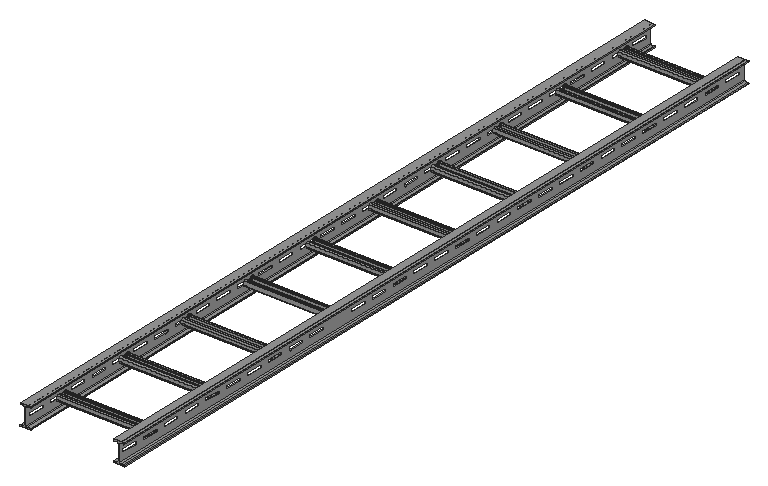
Revit family "Steigeleiter SLS80C40F 40F", category Generic Models, Revit 2017
Family settings
  Can host rebar = No
  Round Connector Dimension = Use Diameter
  Part Type = Normal
  Work Plane-Based = No
  Always vertical = Yes
  Cut with Voids When Loaded = No
  Shared = No
  Room Calculation Point = No
Parameters (values of type "SLS80C40F 40 FT")
  Width = 400 mm
  URL = "http://www.obo-bettermann.com"
  Material = Hot dip galvanised
  Manufacturer Art.No. = "6010105"
  Manufacturer = "OBO BETTERMANN"
  GTIN = "4012196959907"
  Cut's number 3 = 2
  Cut's number 2 = 30
  Cut's number = 10
  Article Type = "SLS80C40F 40 FT"
Reference planes
  plane 1 "Center (Front/Back)": y = 0
  plane 2: z = 0
  plane 3 "Center (Left/Right)": x = 0
  plane 4: x = 400
  plane 5: z = 80
  plane 6: x = 42
  plane 7: x = 21
  plane 8: x = 39.7
  plane 9: x = 2.3
  plane 10: x = 2.3
  plane 11: x = 39.7
  plane 12: x = 379
  plane 13: x = 360.374
  plane 14: x = 397.6
  plane 15: x = 400
  plane 16: y = 3000
  plane 17: y = 165
  plane 18: z = 40
  plane 19: z = 51.25
  plane 20: z = 28.75
  plane 21: y = 145
  plane 22: y = 185
  plane 23: y = 156
  plane 24: y = 174
  plane 25: x = 18.948
  plane 26: x = 376.949
  plane 27: x = 23.005
  plane 28: z = 40
  plane 29: z = 51.25
  plane 30: z = 28.75
  plane 31: y = 445
  plane 32: y = 485
  plane 33: y = 456
  plane 34: y = 474
  plane 35: z = 40
  plane 36: z = 51.25
  plane 37: z = 28.75
  plane 38: y = 1345
  plane 39: y = 1385
  plane 40: y = 1356
  plane 41: y = 1374
  plane 42: z = 40
  plane 43: z = 51.25
  plane 44: z = 28.75
  plane 45: y = 1645
  plane 46: y = 1685
  plane 47: y = 1656
  plane 48: y = 1674
  plane 49: z = 40
  plane 50: z = 51.25
  plane 51: z = 28.75
  plane 52: y = 1945
  plane 53: y = 1985
  plane 54: y = 1956
  plane 55: y = 1974
  plane 56: z = 40
  plane 57: z = 51.25
  plane 58: z = 28.75
  plane 59: y = 2245
  plane 60: y = 2285
  plane 61: y = 2256
  plane 62: y = 2274
  plane 63: z = 40
  plane 64: z = 51.25
  plane 65: z = 28.75
  plane 66: y = 2545
  plane 67: y = 2585
  plane 68: y = 2556
  plane 69: y = 2574
  plane 70: z = 40
  plane 71: z = 51.25
  plane 72: z = 28.75
  plane 73: y = 2845
  plane 74: y = 2885
  plane 75: y = 2856
  plane 76: y = 2874
  plane 77: z = 40
  plane 78: y = 48
  plane 79: y = 13
  plane 80: z = 40
  plane 81: y = 148
  plane 82: y = 113
  plane 83: z = 40
  plane 84: y = 248
  plane 85: y = 213
  plane 86: z = 40
  plane 87: y = 348
  plane 88: y = 313
  plane 89: z = 40
  plane 90: y = 448
  plane 91: y = 413
  plane 92: z = 40
  plane 93: y = 548
  plane 94: y = 513
  plane 95: z = 40
  plane 96: y = 648
  plane 97: y = 613
  plane 98: z = 40
  plane 99: y = 748
  plane 100: y = 713
  plane 101: z = 40
  plane 102: y = 848
  plane 103: y = 813
  plane 104: z = 40
  plane 105: y = 948
  plane 106: y = 913
  plane 107: z = 40
  plane 108: y = 1148
  plane 109: y = 1113
  plane 110: z = 40
  plane 111: y = 1248
  plane 112: y = 1213
  plane 113: z = 40
  plane 114: y = 1348
  plane 115: y = 1313
  plane 116: z = 40
  plane 117: y = 1448
  plane 118: y = 1413
  plane 119: z = 40
  plane 120: y = 1548
  plane 121: y = 1513
  plane 122: z = 40
  plane 123: y = 1648
  plane 124: y = 1613
  plane 125: z = 40
  plane 126: y = 1748
  plane 127: y = 1713
  plane 128: z = 40
  plane 129: y = 1848
  plane 130: y = 1813
  plane 131: z = 40
  plane 132: y = 1948
  plane 133: y = 1913
  plane 134: z = 40
  plane 135: y = 2048
  plane 136: y = 2013
  plane 137: z = 40
  plane 138: y = 2148
  plane 139: y = 2113
  plane 140: z = 40
  plane 141: y = 2248
  plane 142: y = 2213
  plane 143: z = 40
  plane 144: y = 2348
  plane 145: y = 2313
  plane 146: z = 40
  plane 147: y = 2448
  plane 148: y = 2413
  plane 149: z = 40
  plane 150: y = 2548
  plane 151: y = 2513
  plane 152: z = 40
  plane 153: y = 2648
  plane 154: y = 2613
  plane 155: z = 40
  plane 156: y = 2748
  plane 157: y = 2713
  plane 158: z = 40
  plane 159: y = 2848
  plane 160: y = 2813
  plane 161: z = 40
  plane 162: y = 2948
  plane 163: y = 2913
  plane 164: z = 40
  plane 165: y = 2987
  plane 166: y = 2987
  plane 167: z = 40
  plane 168: z = 51.25
  plane 169: z = 28.75
  plane 170: y = 745
  plane 171: y = 785
  plane 172: y = 756
  plane 173: y = 774
  plane 174: z = 40
  plane 175: z = 51.25
  plane 176: z = 28.75
  plane 177: y = 1045
  plane 178: y = 1085
  plane 179: y = 1056
  plane 180: y = 1074
Forms (mm)
  Extrusion 1, solid, material "Hot dip galvanised" <- "Material"
    sketch origin (0, 0, 0) x (1, 0, 0) y (0, 0, 1)
      loop
        line (0, 80) -> (0, 77.606)
        arc (0, 77.606) -> (0.674, 75.979) -> (2.3, 75.306) r 2.3
        line (2.3, 75.306) -> (14.989, 75.306)
        arc (14.989, 75.306) -> (17.746, 74.164) -> (18.889, 71.406) r 3.9
        line (18.889, 71.406) -> (18.889, 8.37)
        arc (18.889, 8.37) -> (17.746, 5.612) -> (14.989, 4.47) r 3.9
        line (14.989, 4.47) -> (2.255, 4.47)
        arc (2.255, 4.47) -> (0.658, 3.808) -> (-0.004, 2.211) r 2.259
        line (-0.004, 2.211) -> (-0.004, 0) -> (42.014, 0) -> (42.014, 2.163)
        arc (42.014, 2.163) -> (41.338, 3.794) -> (39.707, 4.47) r 2.307
        line (39.707, 4.47) -> (26.9, 4.47)
        arc (26.9, 4.47) -> (24.142, 5.612) -> (23, 8.37) r 3.9
        line (23, 8.37) -> (23, 71.406)
        arc (23, 71.406) -> (24.142, 74.164) -> (26.9, 75.306) r 3.9
        line (26.9, 75.306) -> (39.695, 75.306)
        arc (39.695, 75.306) -> (41.416, 76.071) -> (42, 77.861) r 2.317
        line (42, 77.861) -> (42, 80) -> (0, 80)
      loop
        line (400, 0) -> (400, 2.303)
        arc (400, 2.303) -> (399.337, 3.963) -> (397.688, 4.654) r 2.312
        line (397.688, 4.654) -> (384.887, 4.654)
        arc (384.887, 4.654) -> (382.129, 5.796) -> (380.987, 8.554) r 3.9
        line (380.987, 8.554) -> (380.987, 71.529)
        arc (380.987, 71.529) -> (382.129, 74.287) -> (384.887, 75.429) r 3.9
        line (384.887, 75.429) -> (397.671, 75.429)
        arc (397.671, 75.429) -> (399.395, 76.187) -> (400, 77.97) r 2.338
        line (400, 77.97) -> (400, 80) -> (357.974, 80) -> (357.974, 77.373)
        arc (357.974, 77.373) -> (358.784, 75.938) -> (360.352, 75.429) r 2.269
        line (360.352, 75.429) -> (373.087, 75.429)
        arc (373.087, 75.429) -> (375.845, 74.287) -> (376.987, 71.529) r 3.9
        line (376.987, 71.529) -> (376.987, 8.639)
        arc (376.987, 8.639) -> (375.845, 5.882) -> (373.087, 4.739) r 3.9
        line (373.087, 4.739) -> (360.308, 4.739)
        arc (360.308, 4.739) -> (358.656, 4.055) -> (357.972, 2.403) r 2.337
        line (357.972, 2.403) -> (357.972, 0) -> (400, 0)
    from -3000 to 0
  Extrusion 2, solid, material "Hot dip galvanised" <- "Material"
    sketch origin (0, 0, 0) x (0, 1, 0) y (0, 0, 1)
      loop
        line (174, 51.25) -> (174, 49.25) -> (181, 49.25)
        arc (181, 49.25) -> (182.414, 48.664) -> (183, 47.25) r 2
        line (183, 47.25) -> (183, 32.75)
        arc (183, 32.75) -> (182.414, 31.336) -> (181, 30.75) r 2
        line (181, 30.75) -> (149, 30.75)
        arc (149, 30.75) -> (147.586, 31.336) -> (147, 32.75) r 2
        line (147, 32.75) -> (147, 47.25)
        arc (147, 47.25) -> (147.586, 48.664) -> (149, 49.25) r 2
        line (149, 49.25) -> (156, 49.25) -> (156, 51.25) -> (149, 51.25)
        arc (149, 51.25) -> (146.172, 50.078) -> (145, 47.25) r 4
        line (145, 47.25) -> (145, 32.75)
        arc (145, 32.75) -> (146.172, 29.922) -> (149, 28.75) r 4
        line (149, 28.75) -> (181, 28.75)
        arc (181, 28.75) -> (183.828, 29.922) -> (185, 32.75) r 4
        line (185, 32.75) -> (185, 47.25)
        arc (185, 47.25) -> (183.828, 50.078) -> (181, 51.25) r 4
        line (181, 51.25) -> (174, 51.25)
    from 23.005 to 376.949
  Extrusion 3, solid, material "Hot dip galvanised" <- "Material"
    sketch origin (0, 300, 0) x (0, 1, 0) y (0, 0, 1)
      loop
        line (174, 51.25) -> (174, 49.25) -> (181, 49.25)
        arc (181, 49.25) -> (182.414, 48.664) -> (183, 47.25) r 2
        line (183, 47.25) -> (183, 32.75)
        arc (183, 32.75) -> (182.414, 31.336) -> (181, 30.75) r 2
        line (181, 30.75) -> (149, 30.75)
        arc (149, 30.75) -> (147.586, 31.336) -> (147, 32.75) r 2
        line (147, 32.75) -> (147, 47.25)
        arc (147, 47.25) -> (147.586, 48.664) -> (149, 49.25) r 2
        line (149, 49.25) -> (156, 49.25) -> (156, 51.25) -> (149, 51.25)
        arc (149, 51.25) -> (146.172, 50.078) -> (145, 47.25) r 4
        line (145, 47.25) -> (145, 32.75)
        arc (145, 32.75) -> (146.172, 29.922) -> (149, 28.75) r 4
        line (149, 28.75) -> (181, 28.75)
        arc (181, 28.75) -> (183.828, 29.922) -> (185, 32.75) r 4
        line (185, 32.75) -> (185, 47.25)
        arc (185, 47.25) -> (183.828, 50.078) -> (181, 51.25) r 4
        line (181, 51.25) -> (174, 51.25)
    from 23.005 to 376.949
  Extrusion 4, solid, material "Hot dip galvanised" <- "Material"
    sketch origin (0, 1200, 0) x (0, 1, 0) y (0, 0, 1)
      loop
        line (174, 51.25) -> (174, 49.25) -> (181, 49.25)
        arc (181, 49.25) -> (182.414, 48.664) -> (183, 47.25) r 2
        line (183, 47.25) -> (183, 32.75)
        arc (183, 32.75) -> (182.414, 31.336) -> (181, 30.75) r 2
        line (181, 30.75) -> (149, 30.75)
        arc (149, 30.75) -> (147.586, 31.336) -> (147, 32.75) r 2
        line (147, 32.75) -> (147, 47.25)
        arc (147, 47.25) -> (147.586, 48.664) -> (149, 49.25) r 2
        line (149, 49.25) -> (156, 49.25) -> (156, 51.25) -> (149, 51.25)
        arc (149, 51.25) -> (146.172, 50.078) -> (145, 47.25) r 4
        line (145, 47.25) -> (145, 32.75)
        arc (145, 32.75) -> (146.172, 29.922) -> (149, 28.75) r 4
        line (149, 28.75) -> (181, 28.75)
        arc (181, 28.75) -> (183.828, 29.922) -> (185, 32.75) r 4
        line (185, 32.75) -> (185, 47.25)
        arc (185, 47.25) -> (183.828, 50.078) -> (181, 51.25) r 4
        line (181, 51.25) -> (174, 51.25)
    from 23.005 to 376.949
  Extrusion 5, solid, material "Hot dip galvanised" <- "Material"
    sketch origin (0, 1500, 0) x (0, 1, 0) y (0, 0, 1)
      loop
        line (174, 51.25) -> (174, 49.25) -> (181, 49.25)
        arc (181, 49.25) -> (182.414, 48.664) -> (183, 47.25) r 2
        line (183, 47.25) -> (183, 32.75)
        arc (183, 32.75) -> (182.414, 31.336) -> (181, 30.75) r 2
        line (181, 30.75) -> (149, 30.75)
        arc (149, 30.75) -> (147.586, 31.336) -> (147, 32.75) r 2
        line (147, 32.75) -> (147, 47.25)
        arc (147, 47.25) -> (147.586, 48.664) -> (149, 49.25) r 2
        line (149, 49.25) -> (156, 49.25) -> (156, 51.25) -> (149, 51.25)
        arc (149, 51.25) -> (146.172, 50.078) -> (145, 47.25) r 4
        line (145, 47.25) -> (145, 32.75)
        arc (145, 32.75) -> (146.172, 29.922) -> (149, 28.75) r 4
        line (149, 28.75) -> (181, 28.75)
        arc (181, 28.75) -> (183.828, 29.922) -> (185, 32.75) r 4
        line (185, 32.75) -> (185, 47.25)
        arc (185, 47.25) -> (183.828, 50.078) -> (181, 51.25) r 4
        line (181, 51.25) -> (174, 51.25)
    from 23.005 to 376.949
  Extrusion 6, solid, material "Hot dip galvanised" <- "Material"
    sketch origin (0, 1800, 0) x (0, 1, 0) y (0, 0, 1)
      loop
        line (174, 51.25) -> (174, 49.25) -> (181, 49.25)
        arc (181, 49.25) -> (182.414, 48.664) -> (183, 47.25) r 2
        line (183, 47.25) -> (183, 32.75)
        arc (183, 32.75) -> (182.414, 31.336) -> (181, 30.75) r 2
        line (181, 30.75) -> (149, 30.75)
        arc (149, 30.75) -> (147.586, 31.336) -> (147, 32.75) r 2
        line (147, 32.75) -> (147, 47.25)
        arc (147, 47.25) -> (147.586, 48.664) -> (149, 49.25) r 2
        line (149, 49.25) -> (156, 49.25) -> (156, 51.25) -> (149, 51.25)
        arc (149, 51.25) -> (146.172, 50.078) -> (145, 47.25) r 4
        line (145, 47.25) -> (145, 32.75)
        arc (145, 32.75) -> (146.172, 29.922) -> (149, 28.75) r 4
        line (149, 28.75) -> (181, 28.75)
        arc (181, 28.75) -> (183.828, 29.922) -> (185, 32.75) r 4
        line (185, 32.75) -> (185, 47.25)
        arc (185, 47.25) -> (183.828, 50.078) -> (181, 51.25) r 4
        line (181, 51.25) -> (174, 51.25)
    from 23.005 to 376.949
  Extrusion 7, solid, material "Hot dip galvanised" <- "Material"
    sketch origin (0, 2100, 0) x (0, 1, 0) y (0, 0, 1)
      loop
        line (174, 51.25) -> (174, 49.25) -> (181, 49.25)
        arc (181, 49.25) -> (182.414, 48.664) -> (183, 47.25) r 2
        line (183, 47.25) -> (183, 32.75)
        arc (183, 32.75) -> (182.414, 31.336) -> (181, 30.75) r 2
        line (181, 30.75) -> (149, 30.75)
        arc (149, 30.75) -> (147.586, 31.336) -> (147, 32.75) r 2
        line (147, 32.75) -> (147, 47.25)
        arc (147, 47.25) -> (147.586, 48.664) -> (149, 49.25) r 2
        line (149, 49.25) -> (156, 49.25) -> (156, 51.25) -> (149, 51.25)
        arc (149, 51.25) -> (146.172, 50.078) -> (145, 47.25) r 4
        line (145, 47.25) -> (145, 32.75)
        arc (145, 32.75) -> (146.172, 29.922) -> (149, 28.75) r 4
        line (149, 28.75) -> (181, 28.75)
        arc (181, 28.75) -> (183.828, 29.922) -> (185, 32.75) r 4
        line (185, 32.75) -> (185, 47.25)
        arc (185, 47.25) -> (183.828, 50.078) -> (181, 51.25) r 4
        line (181, 51.25) -> (174, 51.25)
    from 23.005 to 376.949
  Extrusion 8, solid, material "Hot dip galvanised" <- "Material"
    sketch origin (0, 2400, 0) x (0, 1, 0) y (0, 0, 1)
      loop
        line (174, 51.25) -> (174, 49.25) -> (181, 49.25)
        arc (181, 49.25) -> (182.414, 48.664) -> (183, 47.25) r 2
        line (183, 47.25) -> (183, 32.75)
        arc (183, 32.75) -> (182.414, 31.336) -> (181, 30.75) r 2
        line (181, 30.75) -> (149, 30.75)
        arc (149, 30.75) -> (147.586, 31.336) -> (147, 32.75) r 2
        line (147, 32.75) -> (147, 47.25)
        arc (147, 47.25) -> (147.586, 48.664) -> (149, 49.25) r 2
        line (149, 49.25) -> (156, 49.25) -> (156, 51.25) -> (149, 51.25)
        arc (149, 51.25) -> (146.172, 50.078) -> (145, 47.25) r 4
        line (145, 47.25) -> (145, 32.75)
        arc (145, 32.75) -> (146.172, 29.922) -> (149, 28.75) r 4
        line (149, 28.75) -> (181, 28.75)
        arc (181, 28.75) -> (183.828, 29.922) -> (185, 32.75) r 4
        line (185, 32.75) -> (185, 47.25)
        arc (185, 47.25) -> (183.828, 50.078) -> (181, 51.25) r 4
        line (181, 51.25) -> (174, 51.25)
    from 23.005 to 376.949
  Extrusion 9, solid, material "Hot dip galvanised" <- "Material"
    sketch origin (0, 2700, 0) x (0, 1, 0) y (0, 0, 1)
      loop
        line (174, 51.25) -> (174, 49.25) -> (181, 49.25)
        arc (181, 49.25) -> (182.414, 48.664) -> (183, 47.25) r 2
        line (183, 47.25) -> (183, 32.75)
        arc (183, 32.75) -> (182.414, 31.336) -> (181, 30.75) r 2
        line (181, 30.75) -> (149, 30.75)
        arc (149, 30.75) -> (147.586, 31.336) -> (147, 32.75) r 2
        line (147, 32.75) -> (147, 47.25)
        arc (147, 47.25) -> (147.586, 48.664) -> (149, 49.25) r 2
        line (149, 49.25) -> (156, 49.25) -> (156, 51.25) -> (149, 51.25)
        arc (149, 51.25) -> (146.172, 50.078) -> (145, 47.25) r 4
        line (145, 47.25) -> (145, 32.75)
        arc (145, 32.75) -> (146.172, 29.922) -> (149, 28.75) r 4
        line (149, 28.75) -> (181, 28.75)
        arc (181, 28.75) -> (183.828, 29.922) -> (185, 32.75) r 4
        line (185, 32.75) -> (185, 47.25)
        arc (185, 47.25) -> (183.828, 50.078) -> (181, 51.25) r 4
        line (181, 51.25) -> (174, 51.25)
    from 23.005 to 376.949
  Extrusion 10, void
    sketch origin (0, 0, 0) x (0, 1, 0) y (0, 0, 1)
      loop
        line (13, 47) -> (13, 33) -> (83, 33) -> (83, 47) -> (13, 47)
    from 377.004 to 380.987
  Extrusion 11, void
    sketch origin (0, 100, 0) x (0, 1, 0) y (0, 0, 1)
      loop
        line (13, 47) -> (13, 33) -> (83, 33) -> (83, 47) -> (13, 47)
    from 377.004 to 380.987
  Extrusion 12, void
    sketch origin (0, 200, 0) x (0, 1, 0) y (0, 0, 1)
      loop
        line (13, 47) -> (13, 33) -> (83, 33) -> (83, 47) -> (13, 47)
    from 377.004 to 380.987
  Extrusion 13, void
    sketch origin (0, 300, 0) x (0, 1, 0) y (0, 0, 1)
      loop
        line (13, 47) -> (13, 33) -> (83, 33) -> (83, 47) -> (13, 47)
    from 377.004 to 380.987
  Extrusion 14, void
    sketch origin (0, 400, 0) x (0, 1, 0) y (0, 0, 1)
      loop
        line (13, 47) -> (13, 33) -> (83, 33) -> (83, 47) -> (13, 47)
    from 377.004 to 380.987
  Extrusion 15, void
    sketch origin (0, 500, 0) x (0, 1, 0) y (0, 0, 1)
      loop
        line (13, 47) -> (13, 33) -> (83, 33) -> (83, 47) -> (13, 47)
    from 377.004 to 380.987
  Extrusion 16, void
    sketch origin (0, 600, 0) x (0, 1, 0) y (0, 0, 1)
      loop
        line (13, 47) -> (13, 33) -> (83, 33) -> (83, 47) -> (13, 47)
    from 377.004 to 380.987
  Extrusion 17, void
    sketch origin (0, 700, 0) x (0, 1, 0) y (0, 0, 1)
      loop
        line (13, 47) -> (13, 33) -> (83, 33) -> (83, 47) -> (13, 47)
    from 377.004 to 380.987
  Extrusion 18, void
    sketch origin (0, 800, 0) x (0, 1, 0) y (0, 0, 1)
      loop
        line (13, 47) -> (13, 33) -> (83, 33) -> (83, 47) -> (13, 47)
    from 377.004 to 380.987
  Extrusion 19, void
    sketch origin (0, 900, 0) x (0, 1, 0) y (0, 0, 1)
      loop
        line (13, 47) -> (13, 33) -> (83, 33) -> (83, 47) -> (13, 47)
    from 377.004 to 380.987
  Extrusion 20, void
    sketch origin (0, 1100, 0) x (0, 1, 0) y (0, 0, 1)
      loop
        line (13, 47) -> (13, 33) -> (83, 33) -> (83, 47) -> (13, 47)
    from 377.004 to 380.987
  Extrusion 21, void
    sketch origin (0, 1200, 0) x (0, 1, 0) y (0, 0, 1)
      loop
        line (13, 47) -> (13, 33) -> (83, 33) -> (83, 47) -> (13, 47)
    from 377.004 to 380.987
  Extrusion 22, void
    sketch origin (0, 1300, 0) x (0, 1, 0) y (0, 0, 1)
      loop
        line (13, 47) -> (13, 33) -> (83, 33) -> (83, 47) -> (13, 47)
    from 377.004 to 380.987
  Extrusion 23, void
    sketch origin (0, 1400, 0) x (0, 1, 0) y (0, 0, 1)
      loop
        line (13, 47) -> (13, 33) -> (83, 33) -> (83, 47) -> (13, 47)
    from 377.004 to 380.987
  Extrusion 24, void
    sketch origin (0, 1500, 0) x (0, 1, 0) y (0, 0, 1)
      loop
        line (13, 47) -> (13, 33) -> (83, 33) -> (83, 47) -> (13, 47)
    from 377.004 to 380.987
  Extrusion 25, void
    sketch origin (0, 1600, 0) x (0, 1, 0) y (0, 0, 1)
      loop
        line (13, 47) -> (13, 33) -> (83, 33) -> (83, 47) -> (13, 47)
    from 377.004 to 380.987
  Extrusion 26, void
    sketch origin (0, 1700, 0) x (0, 1, 0) y (0, 0, 1)
      loop
        line (13, 47) -> (13, 33) -> (83, 33) -> (83, 47) -> (13, 47)
    from 377.004 to 380.987
  Extrusion 27, void
    sketch origin (0, 1800, 0) x (0, 1, 0) y (0, 0, 1)
      loop
        line (13, 47) -> (13, 33) -> (83, 33) -> (83, 47) -> (13, 47)
    from 377.004 to 380.987
  Extrusion 28, void
    sketch origin (0, 1900, 0) x (0, 1, 0) y (0, 0, 1)
      loop
        line (13, 47) -> (13, 33) -> (83, 33) -> (83, 47) -> (13, 47)
    from 377.004 to 380.987
  Extrusion 29, void
    sketch origin (0, 2000, 0) x (0, 1, 0) y (0, 0, 1)
      loop
        line (13, 47) -> (13, 33) -> (83, 33) -> (83, 47) -> (13, 47)
    from 377.004 to 380.987
  Extrusion 30, void
    sketch origin (0, 2100, 0) x (0, 1, 0) y (0, 0, 1)
      loop
        line (13, 47) -> (13, 33) -> (83, 33) -> (83, 47) -> (13, 47)
    from 377.004 to 380.987
  Extrusion 31, void
    sketch origin (0, 2200, 0) x (0, 1, 0) y (0, 0, 1)
      loop
        line (13, 47) -> (13, 33) -> (83, 33) -> (83, 47) -> (13, 47)
    from 377.004 to 380.987
  Extrusion 32, void
    sketch origin (0, 2300, 0) x (0, 1, 0) y (0, 0, 1)
      loop
        line (13, 47) -> (13, 33) -> (83, 33) -> (83, 47) -> (13, 47)
    from 377.004 to 380.987
  Extrusion 33, void
    sketch origin (0, 2400, 0) x (0, 1, 0) y (0, 0, 1)
      loop
        line (13, 47) -> (13, 33) -> (83, 33) -> (83, 47) -> (13, 47)
    from 377.004 to 380.987
  Extrusion 34, void
    sketch origin (0, 2500, 0) x (0, 1, 0) y (0, 0, 1)
      loop
        line (13, 47) -> (13, 33) -> (83, 33) -> (83, 47) -> (13, 47)
    from 377.004 to 380.987
  Extrusion 35, void
    sketch origin (0, 2600, 0) x (0, 1, 0) y (0, 0, 1)
      loop
        line (13, 47) -> (13, 33) -> (83, 33) -> (83, 47) -> (13, 47)
    from 377.004 to 380.987
  Extrusion 36, void
    sketch origin (0, 2700, 0) x (0, 1, 0) y (0, 0, 1)
      loop
        line (13, 47) -> (13, 33) -> (83, 33) -> (83, 47) -> (13, 47)
    from 377.004 to 380.987
  Extrusion 37, void
    sketch origin (0, 2800, 0) x (0, 1, 0) y (0, 0, 1)
      loop
        line (13, 47) -> (13, 33) -> (83, 33) -> (83, 47) -> (13, 47)
    from 377.004 to 380.987
  Extrusion 38, void
    sketch origin (0, 2900, 0) x (0, 1, 0) y (0, 0, 1)
      loop
        line (13, 47) -> (13, 33) -> (83, 33) -> (83, 47) -> (13, 47)
    from 377.004 to 380.987
  Extrusion 39, void
    sketch origin (0, 0, 0) x (0, 1, 0) y (0, 0, 1)
      loop
        line (2983, 33) -> (2983, 47) -> (2913, 47) -> (2913, 33) -> (2983, 33)
    from 18.889 to 23
  Extrusion 40, void
    sketch origin (0, 0, 0) x (0, 1, 0) y (0, 0, 1)
      loop
        line (83, 47) -> (13, 47) -> (13, 33) -> (83, 33) -> (83, 47)
    from 18.889 to 23
  Extrusion 41, void
    sketch origin (0, 100, 0) x (0, 1, 0) y (0, 0, 1)
      loop
        line (83, 47) -> (13, 47) -> (13, 33) -> (83, 33) -> (83, 47)
    from 18.889 to 23
  Extrusion 42, void
    sketch origin (0, 200, 0) x (0, 1, 0) y (0, 0, 1)
      loop
        line (83, 47) -> (13, 47) -> (13, 33) -> (83, 33) -> (83, 47)
    from 18.889 to 23
  Extrusion 43, void
    sketch origin (0, 300, 0) x (0, 1, 0) y (0, 0, 1)
      loop
        line (83, 47) -> (13, 47) -> (13, 33) -> (83, 33) -> (83, 47)
    from 18.889 to 23
  Extrusion 44, void
    sketch origin (0, 400, 0) x (0, 1, 0) y (0, 0, 1)
      loop
        line (83, 47) -> (13, 47) -> (13, 33) -> (83, 33) -> (83, 47)
    from 18.889 to 23
  Extrusion 45, void
    sketch origin (0, 500, 0) x (0, 1, 0) y (0, 0, 1)
      loop
        line (83, 47) -> (13, 47) -> (13, 33) -> (83, 33) -> (83, 47)
    from 18.889 to 23
  Extrusion 46, void
    sketch origin (0, 600, 0) x (0, 1, 0) y (0, 0, 1)
      loop
        line (83, 47) -> (13, 47) -> (13, 33) -> (83, 33) -> (83, 47)
    from 18.889 to 23
  Extrusion 47, void
    sketch origin (0, 700, 0) x (0, 1, 0) y (0, 0, 1)
      loop
        line (83, 47) -> (13, 47) -> (13, 33) -> (83, 33) -> (83, 47)
    from 18.889 to 23
  Extrusion 48, void
    sketch origin (0, 800, 0) x (0, 1, 0) y (0, 0, 1)
      loop
        line (83, 47) -> (13, 47) -> (13, 33) -> (83, 33) -> (83, 47)
    from 18.889 to 23
  Extrusion 49, void
    sketch origin (0, 900, 0) x (0, 1, 0) y (0, 0, 1)
      loop
        line (83, 47) -> (13, 47) -> (13, 33) -> (83, 33) -> (83, 47)
    from 18.889 to 23
  Extrusion 50, void
    sketch origin (0, 1000, 0) x (0, 1, 0) y (0, 0, 1)
      loop
        line (83, 47) -> (13, 47) -> (13, 33) -> (83, 33) -> (83, 47)
    from 18.889 to 23
  Extrusion 51, void
    sketch origin (0, 1100, 0) x (0, 1, 0) y (0, 0, 1)
      loop
        line (83, 47) -> (13, 47) -> (13, 33) -> (83, 33) -> (83, 47)
    from 18.889 to 23
  Extrusion 52, void
    sketch origin (0, 1200, 0) x (0, 1, 0) y (0, 0, 1)
      loop
        line (83, 47) -> (13, 47) -> (13, 33) -> (83, 33) -> (83, 47)
    from 18.889 to 23
  Extrusion 53, void
    sketch origin (0, 1300, 0) x (0, 1, 0) y (0, 0, 1)
      loop
        line (83, 47) -> (13, 47) -> (13, 33) -> (83, 33) -> (83, 47)
    from 18.889 to 23
  Extrusion 54, void
    sketch origin (0, 1400, 0) x (0, 1, 0) y (0, 0, 1)
      loop
        line (83, 47) -> (13, 47) -> (13, 33) -> (83, 33) -> (83, 47)
    from 18.889 to 23
  Extrusion 55, void
    sketch origin (0, 1500, 0) x (0, 1, 0) y (0, 0, 1)
      loop
        line (83, 47) -> (13, 47) -> (13, 33) -> (83, 33) -> (83, 47)
    from 18.889 to 23
  Extrusion 56, void
    sketch origin (0, 1600, 0) x (0, 1, 0) y (0, 0, 1)
      loop
        line (83, 47) -> (13, 47) -> (13, 33) -> (83, 33) -> (83, 47)
    from 18.889 to 23
  Extrusion 57, void
    sketch origin (0, 1700, 0) x (0, 1, 0) y (0, 0, 1)
      loop
        line (83, 47) -> (13, 47) -> (13, 33) -> (83, 33) -> (83, 47)
    from 18.889 to 23
  Extrusion 58, void
    sketch origin (0, 1800, 0) x (0, 1, 0) y (0, 0, 1)
      loop
        line (83, 47) -> (13, 47) -> (13, 33) -> (83, 33) -> (83, 47)
    from 18.889 to 23
  Extrusion 59, void
    sketch origin (0, 1900, 0) x (0, 1, 0) y (0, 0, 1)
      loop
        line (83, 47) -> (13, 47) -> (13, 33) -> (83, 33) -> (83, 47)
    from 18.889 to 23
  Extrusion 60, void
    sketch origin (0, 2000, 0) x (0, 1, 0) y (0, 0, 1)
      loop
        line (83, 47) -> (13, 47) -> (13, 33) -> (83, 33) -> (83, 47)
    from 18.889 to 23
  Extrusion 61, void
    sketch origin (0, 2100, 0) x (0, 1, 0) y (0, 0, 1)
      loop
        line (83, 47) -> (13, 47) -> (13, 33) -> (83, 33) -> (83, 47)
    from 18.889 to 23
  Extrusion 62, void
    sketch origin (0, 2200, 0) x (0, 1, 0) y (0, 0, 1)
      loop
        line (83, 47) -> (13, 47) -> (13, 33) -> (83, 33) -> (83, 47)
    from 18.889 to 23
  Extrusion 63, void
    sketch origin (0, 2300, 0) x (0, 1, 0) y (0, 0, 1)
      loop
        line (83, 47) -> (13, 47) -> (13, 33) -> (83, 33) -> (83, 47)
    from 18.889 to 23
  Extrusion 64, void
    sketch origin (0, 2400, 0) x (0, 1, 0) y (0, 0, 1)
      loop
        line (83, 47) -> (13, 47) -> (13, 33) -> (83, 33) -> (83, 47)
    from 18.889 to 23
  Extrusion 65, void
    sketch origin (0, 2500, 0) x (0, 1, 0) y (0, 0, 1)
      loop
        line (83, 47) -> (13, 47) -> (13, 33) -> (83, 33) -> (83, 47)
    from 18.889 to 23
  Extrusion 66, void
    sketch origin (0, 2600, 0) x (0, 1, 0) y (0, 0, 1)
      loop
        line (83, 47) -> (13, 47) -> (13, 33) -> (83, 33) -> (83, 47)
    from 18.889 to 23
  Extrusion 67, void
    sketch origin (0, 2700, 0) x (0, 1, 0) y (0, 0, 1)
      loop
        line (83, 47) -> (13, 47) -> (13, 33) -> (83, 33) -> (83, 47)
    from 18.889 to 23
  Extrusion 68, void
    sketch origin (0, 2800, 0) x (0, 1, 0) y (0, 0, 1)
      loop
        line (83, 47) -> (13, 47) -> (13, 33) -> (83, 33) -> (83, 47)
    from 18.889 to 23
  Extrusion 69, solid, material "Hot dip galvanised" <- "Material"
    sketch origin (0, 600, 0) x (0, 1, 0) y (0, 0, 1)
      loop
        line (174, 51.25) -> (174, 49.25) -> (181, 49.25)
        arc (181, 49.25) -> (182.414, 48.664) -> (183, 47.25) r 2
        line (183, 47.25) -> (183, 32.75)
        arc (183, 32.75) -> (182.414, 31.336) -> (181, 30.75) r 2
        line (181, 30.75) -> (149, 30.75)
        arc (149, 30.75) -> (147.586, 31.336) -> (147, 32.75) r 2
        line (147, 32.75) -> (147, 47.25)
        arc (147, 47.25) -> (147.586, 48.664) -> (149, 49.25) r 2
        line (149, 49.25) -> (156, 49.25) -> (156, 51.25) -> (149, 51.25)
        arc (149, 51.25) -> (146.172, 50.078) -> (145, 47.25) r 4
        line (145, 47.25) -> (145, 32.75)
        arc (145, 32.75) -> (146.172, 29.922) -> (149, 28.75) r 4
        line (149, 28.75) -> (181, 28.75)
        arc (181, 28.75) -> (183.828, 29.922) -> (185, 32.75) r 4
        line (185, 32.75) -> (185, 47.25)
        arc (185, 47.25) -> (183.828, 50.078) -> (181, 51.25) r 4
        line (181, 51.25) -> (174, 51.25)
    from 23.005 to 376.949
  Extrusion 70, solid, material "Hot dip galvanised" <- "Material"
    sketch origin (0, 900, 0) x (0, 1, 0) y (0, 0, 1)
      loop
        line (174, 51.25) -> (174, 49.25) -> (181, 49.25)
        arc (181, 49.25) -> (182.414, 48.664) -> (183, 47.25) r 2
        line (183, 47.25) -> (183, 32.75)
        arc (183, 32.75) -> (182.414, 31.336) -> (181, 30.75) r 2
        line (181, 30.75) -> (149, 30.75)
        arc (149, 30.75) -> (147.586, 31.336) -> (147, 32.75) r 2
        line (147, 32.75) -> (147, 47.25)
        arc (147, 47.25) -> (147.586, 48.664) -> (149, 49.25) r 2
        line (149, 49.25) -> (156, 49.25) -> (156, 51.25) -> (149, 51.25)
        arc (149, 51.25) -> (146.172, 50.078) -> (145, 47.25) r 4
        line (145, 47.25) -> (145, 32.75)
        arc (145, 32.75) -> (146.172, 29.922) -> (149, 28.75) r 4
        line (149, 28.75) -> (181, 28.75)
        arc (181, 28.75) -> (183.828, 29.922) -> (185, 32.75) r 4
        line (185, 32.75) -> (185, 47.25)
        arc (185, 47.25) -> (183.828, 50.078) -> (181, 51.25) r 4
        line (181, 51.25) -> (174, 51.25)
    from 23.005 to 376.949
Cuts and joins
  Extrusion 10, Extrusion 11, Extrusion 12, Extrusion 13, Extrusion 14, Extrusion 15, Extrusion 16, Extrusion 17, Extrusion 18, Extrusion 19, Extrusion 20, Extrusion 21, Extrusion 22, Extrusion 23, Extrusion 24, Extrusion 25, Extrusion 26, Extrusion 27, Extrusion 28, Extrusion 29, Extrusion 30, Extrusion 31, Extrusion 32, Extrusion 33, Extrusion 34, Extrusion 35, Extrusion 36, Extrusion 37, Extrusion 38, Extrusion 39, Extrusion 40, Extrusion 41, Extrusion 42, Extrusion 43, Extrusion 44, Extrusion 45, Extrusion 46, Extrusion 47, Extrusion 48, Extrusion 49, Extrusion 50, Extrusion 51, Extrusion 52, Extrusion 53, Extrusion 54, Extrusion 55, Extrusion 56, Extrusion 57, Extrusion 58, Extrusion 59, Extrusion 60, Extrusion 61, Extrusion 62, Extrusion 63, Extrusion 64, Extrusion 65, Extrusion 66, Extrusion 67, Extrusion 68 cuts Extrusion 1
  Extrusion 14, Extrusion 44 cuts Extrusion 3
  Extrusion 22, Extrusion 53 cuts Extrusion 4
  Extrusion 25, Extrusion 56 cuts Extrusion 5
  Extrusion 28, Extrusion 59 cuts Extrusion 6
  Extrusion 31, Extrusion 62 cuts Extrusion 7
  Extrusion 34, Extrusion 65 cuts Extrusion 8
  Extrusion 37, Extrusion 68 cuts Extrusion 9
Dimensions and locks
  locked: plane 7 to Extrusion 1 sketch curve at 21
  locked: Extrusion 1 sketch curve to Extrusion 1 sketch curve at 80  (x2)
  locked: Extrusion 1 sketch curve to Extrusion 1 sketch curve at 42
  locked: Extrusion 1 sketch curve to Extrusion 1 sketch curve at 42.017
  locked: Extrusion 1 sketch curve to Extrusion 1 sketch curve at 70.836  (x2)
  locked: plane 4 to plane 12 at 21
  locked: Extrusion 1 sketch curve to Extrusion 1 sketch curve at 42.028
  locked: Extrusion 1 sketch curve to Extrusion 1 sketch curve at 42.026
  locked: Extrusion 1 sketch curve to Extrusion 1 sketch curve at 4.571
  locked: Extrusion 1 sketch curve to Extrusion 1 sketch curve at 70.775
  plane 4 to plane 3 "Center (Left/Right)" = 400 mm
  "Width": plane 15 to plane 3 "Center (Left/Right)"
  locked: plane 1 "Center (Front/Back)" to plane 16 at 3000
  Extrusion 1 to Extrusion 1 = 80 mm
  locked: Extrusion 2 sketch curve to Extrusion 2 sketch curve at 22.5
  locked: Extrusion 2 sketch curve to Extrusion 2 sketch curve at 40
  locked: Extrusion 2 sketch curve to Extrusion 2 sketch curve at 2  (x3)
  locked: Extrusion 2 sketch curve to Extrusion 2 sketch curve at 36
  locked: Extrusion 2 to Extrusion 1 at 23.051
  locked: Extrusion 1 to plane 27 at 23.005
  locked: Extrusion 3 sketch curve to Extrusion 3 sketch curve at 22.5
  locked: Extrusion 3 sketch curve to Extrusion 3 sketch curve at 40
  locked: Extrusion 3 sketch curve to Extrusion 3 sketch curve at 2  (x3)
  locked: Extrusion 3 sketch curve to Extrusion 3 sketch curve at 36
  locked: Extrusion 4 sketch curve to Extrusion 4 sketch curve at 22.5
  locked: Extrusion 4 sketch curve to Extrusion 4 sketch curve at 40
  locked: Extrusion 4 sketch curve to Extrusion 4 sketch curve at 2  (x3)
  locked: Extrusion 4 sketch curve to Extrusion 4 sketch curve at 36
  locked: Extrusion 5 sketch curve to Extrusion 5 sketch curve at 22.5
  locked: Extrusion 5 sketch curve to Extrusion 5 sketch curve at 40
  locked: Extrusion 5 sketch curve to Extrusion 5 sketch curve at 2  (x3)
  locked: Extrusion 5 sketch curve to Extrusion 5 sketch curve at 36
  locked: Extrusion 6 sketch curve to Extrusion 6 sketch curve at 22.5
  locked: Extrusion 6 sketch curve to Extrusion 6 sketch curve at 40
  locked: Extrusion 6 sketch curve to Extrusion 6 sketch curve at 2  (x3)
  locked: Extrusion 6 sketch curve to Extrusion 6 sketch curve at 36
  locked: Extrusion 7 sketch curve to Extrusion 7 sketch curve at 22.5
  locked: Extrusion 7 sketch curve to Extrusion 7 sketch curve at 40
  locked: Extrusion 7 sketch curve to Extrusion 7 sketch curve at 2  (x3)
  locked: Extrusion 7 sketch curve to Extrusion 7 sketch curve at 36
  locked: Extrusion 8 sketch curve to Extrusion 8 sketch curve at 22.5
  locked: Extrusion 8 sketch curve to Extrusion 8 sketch curve at 40
  locked: Extrusion 8 sketch curve to Extrusion 8 sketch curve at 2  (x3)
  locked: Extrusion 8 sketch curve to Extrusion 8 sketch curve at 36
  locked: Extrusion 9 sketch curve to Extrusion 9 sketch curve at 22.5
  locked: Extrusion 9 sketch curve to Extrusion 9 sketch curve at 40
  locked: Extrusion 9 sketch curve to Extrusion 9 sketch curve at 2  (x3)
  locked: Extrusion 9 sketch curve to Extrusion 9 sketch curve at 36
  locked: Extrusion 3 to Extrusion 1 at 23.051
  locked: Extrusion 1 to Extrusion 3 at 23.005
  locked: Extrusion 4 to Extrusion 1 at 23.051
  locked: Extrusion 1 to Extrusion 4 at 23.005
  locked: Extrusion 10 sketch curve to Extrusion 10 sketch curve at 14
  locked: plane 77 to Extrusion 10 sketch curve at 7
  locked: Extrusion 10 sketch curve to Extrusion 10 sketch curve at 70
  locked: plane 78 to Extrusion 10 sketch curve at 35
  locked: Extrusion 11 sketch curve to Extrusion 11 sketch curve at 14
  locked: plane 80 to Extrusion 11 sketch curve at 7
  locked: Extrusion 11 sketch curve to Extrusion 11 sketch curve at 70
  locked: plane 81 to Extrusion 11 sketch curve at 35
  locked: Extrusion 12 sketch curve to Extrusion 12 sketch curve at 14
  locked: plane 83 to Extrusion 12 sketch curve at 7
  locked: Extrusion 12 sketch curve to Extrusion 12 sketch curve at 70
  locked: plane 84 to Extrusion 12 sketch curve at 35
  locked: Extrusion 13 sketch curve to Extrusion 13 sketch curve at 14
  locked: plane 86 to Extrusion 13 sketch curve at 7
  locked: Extrusion 13 sketch curve to Extrusion 13 sketch curve at 70
  locked: plane 87 to Extrusion 13 sketch curve at 35
  locked: Extrusion 14 sketch curve to Extrusion 14 sketch curve at 14
  locked: plane 89 to Extrusion 14 sketch curve at 7
  locked: Extrusion 14 sketch curve to Extrusion 14 sketch curve at 70
  locked: plane 90 to Extrusion 14 sketch curve at 35
  locked: Extrusion 15 sketch curve to Extrusion 15 sketch curve at 14
  locked: plane 92 to Extrusion 15 sketch curve at 7
  locked: Extrusion 15 sketch curve to Extrusion 15 sketch curve at 70
  locked: plane 93 to Extrusion 15 sketch curve at 35
  locked: Extrusion 16 sketch curve to Extrusion 16 sketch curve at 14
  locked: plane 95 to Extrusion 16 sketch curve at 7
  locked: Extrusion 16 sketch curve to Extrusion 16 sketch curve at 70
  locked: plane 96 to Extrusion 16 sketch curve at 35
  locked: Extrusion 17 sketch curve to Extrusion 17 sketch curve at 14
  locked: plane 98 to Extrusion 17 sketch curve at 7
  locked: Extrusion 17 sketch curve to Extrusion 17 sketch curve at 70
  locked: plane 99 to Extrusion 17 sketch curve at 35
  locked: Extrusion 18 sketch curve to Extrusion 18 sketch curve at 14
  locked: plane 101 to Extrusion 18 sketch curve at 7
  locked: Extrusion 18 sketch curve to Extrusion 18 sketch curve at 70
  locked: plane 102 to Extrusion 18 sketch curve at 35
  locked: Extrusion 19 sketch curve to Extrusion 19 sketch curve at 14
  locked: plane 104 to Extrusion 19 sketch curve at 7
  locked: Extrusion 19 sketch curve to Extrusion 19 sketch curve at 70
  locked: plane 105 to Extrusion 19 sketch curve at 35
  locked: Extrusion 20 sketch curve to Extrusion 20 sketch curve at 14
  locked: plane 107 to Extrusion 20 sketch curve at 7
  locked: Extrusion 20 sketch curve to Extrusion 20 sketch curve at 70
  locked: plane 108 to Extrusion 20 sketch curve at 35
  locked: Extrusion 21 sketch curve to Extrusion 21 sketch curve at 14
  locked: plane 110 to Extrusion 21 sketch curve at 7
  locked: Extrusion 21 sketch curve to Extrusion 21 sketch curve at 70
  locked: plane 111 to Extrusion 21 sketch curve at 35
  locked: Extrusion 22 sketch curve to Extrusion 22 sketch curve at 14
  locked: plane 113 to Extrusion 22 sketch curve at 7
  locked: Extrusion 22 sketch curve to Extrusion 22 sketch curve at 70
  locked: plane 114 to Extrusion 22 sketch curve at 35
  locked: Extrusion 23 sketch curve to Extrusion 23 sketch curve at 14
  locked: plane 116 to Extrusion 23 sketch curve at 7
  locked: Extrusion 23 sketch curve to Extrusion 23 sketch curve at 70
  locked: plane 117 to Extrusion 23 sketch curve at 35
  locked: Extrusion 24 sketch curve to Extrusion 24 sketch curve at 14
  locked: plane 119 to Extrusion 24 sketch curve at 7
  locked: Extrusion 24 sketch curve to Extrusion 24 sketch curve at 70
  locked: plane 120 to Extrusion 24 sketch curve at 35
  locked: Extrusion 25 sketch curve to Extrusion 25 sketch curve at 14
  locked: plane 122 to Extrusion 25 sketch curve at 7
  locked: Extrusion 25 sketch curve to Extrusion 25 sketch curve at 70
  locked: plane 123 to Extrusion 25 sketch curve at 35
  locked: Extrusion 26 sketch curve to Extrusion 26 sketch curve at 14
  locked: plane 125 to Extrusion 26 sketch curve at 7
  locked: Extrusion 26 sketch curve to Extrusion 26 sketch curve at 70
  locked: plane 126 to Extrusion 26 sketch curve at 35
  locked: Extrusion 27 sketch curve to Extrusion 27 sketch curve at 14
  locked: plane 128 to Extrusion 27 sketch curve at 7
  locked: Extrusion 27 sketch curve to Extrusion 27 sketch curve at 70
  locked: plane 129 to Extrusion 27 sketch curve at 35
  locked: Extrusion 28 sketch curve to Extrusion 28 sketch curve at 14
  locked: plane 131 to Extrusion 28 sketch curve at 7
  locked: Extrusion 28 sketch curve to Extrusion 28 sketch curve at 70
  locked: plane 132 to Extrusion 28 sketch curve at 35
  locked: Extrusion 29 sketch curve to Extrusion 29 sketch curve at 14
  locked: plane 134 to Extrusion 29 sketch curve at 7
  locked: Extrusion 29 sketch curve to Extrusion 29 sketch curve at 70
  locked: plane 135 to Extrusion 29 sketch curve at 35
  locked: Extrusion 30 sketch curve to Extrusion 30 sketch curve at 14
  locked: plane 137 to Extrusion 30 sketch curve at 7
  locked: Extrusion 30 sketch curve to Extrusion 30 sketch curve at 70
  locked: plane 138 to Extrusion 30 sketch curve at 35
  locked: Extrusion 31 sketch curve to Extrusion 31 sketch curve at 14
  locked: plane 140 to Extrusion 31 sketch curve at 7
  locked: Extrusion 31 sketch curve to Extrusion 31 sketch curve at 70
  locked: plane 141 to Extrusion 31 sketch curve at 35
  locked: Extrusion 32 sketch curve to Extrusion 32 sketch curve at 14
  locked: plane 143 to Extrusion 32 sketch curve at 7
  locked: Extrusion 32 sketch curve to Extrusion 32 sketch curve at 70
  locked: plane 144 to Extrusion 32 sketch curve at 35
  locked: Extrusion 33 sketch curve to Extrusion 33 sketch curve at 14
  locked: plane 146 to Extrusion 33 sketch curve at 7
  locked: Extrusion 33 sketch curve to Extrusion 33 sketch curve at 70
  locked: plane 147 to Extrusion 33 sketch curve at 35
  locked: Extrusion 34 sketch curve to Extrusion 34 sketch curve at 14
  locked: plane 149 to Extrusion 34 sketch curve at 7
  locked: Extrusion 34 sketch curve to Extrusion 34 sketch curve at 70
  locked: plane 150 to Extrusion 34 sketch curve at 35
  locked: Extrusion 35 sketch curve to Extrusion 35 sketch curve at 14
  locked: plane 152 to Extrusion 35 sketch curve at 7
  locked: Extrusion 35 sketch curve to Extrusion 35 sketch curve at 70
  locked: plane 153 to Extrusion 35 sketch curve at 35
  locked: Extrusion 36 sketch curve to Extrusion 36 sketch curve at 14
  locked: plane 155 to Extrusion 36 sketch curve at 7
  locked: Extrusion 36 sketch curve to Extrusion 36 sketch curve at 70
  locked: plane 156 to Extrusion 36 sketch curve at 35
  locked: Extrusion 37 sketch curve to Extrusion 37 sketch curve at 14
  locked: plane 158 to Extrusion 37 sketch curve at 7
  locked: Extrusion 37 sketch curve to Extrusion 37 sketch curve at 70
  locked: plane 159 to Extrusion 37 sketch curve at 35
  locked: Extrusion 38 sketch curve to Extrusion 38 sketch curve at 14
  locked: plane 161 to Extrusion 38 sketch curve at 7
  locked: Extrusion 38 sketch curve to Extrusion 38 sketch curve at 70
  locked: plane 162 to Extrusion 38 sketch curve at 35
  locked: cut or joined group 1 (Extrusion 1, Extrusion 10, Extrusion 11, Extrusion 12, Extrusion 13, Extrusion 14, Extrusion 15, Extrusion 16, Extrusion 17, Extrusion 18, Extrusion 19, Extrusion 20, Extrusion 21, Extrusion 22, Extrusion 23, Extrusion 24, Extrusion 25, Extrusion 26, Extrusion 27, Extrusion 28, Extrusion 29, Extrusion 30, Extrusion 31, Extrusion 32, Extrusion 33, Extrusion 34, Extrusion 35, Extrusion 36, Extrusion 37, Extrusion 38, Extrusion 39, Extrusion 40, Extrusion 41, Extrusion 42, Extrusion 43, Extrusion 44, Extrusion 45, Extrusion 46, Extrusion 47, Extrusion 48, Extrusion 49, Extrusion 50, Extrusion 51, Extrusion 52, Extrusion 53, Extrusion 54, Extrusion 55, Extrusion 56, Extrusion 57, Extrusion 58, Extrusion 59, Extrusion 60, Extrusion 61, Extrusion 62, Extrusion 63, Extrusion 64, Extrusion 65, Extrusion 66, Extrusion 67, Extrusion 68) to plane 164 at 40
  Extrusion 39 sketch curve to Extrusion 39 sketch curve = 70 mm
  cut or joined group 1 to Extrusion 39 sketch curve = 17 mm
  locked: Extrusion 39 sketch curve to Extrusion 39 sketch curve at 14
  locked: Extrusion 39 sketch curve to plane 164 at 7
  locked: Extrusion 69 sketch curve to Extrusion 69 sketch curve at 22.5
  locked: Extrusion 69 sketch curve to Extrusion 69 sketch curve at 40
  locked: Extrusion 69 sketch curve to Extrusion 69 sketch curve at 2  (x3)
  locked: Extrusion 69 sketch curve to Extrusion 69 sketch curve at 36
  group 57 to group 58 = 0 mm  (x2)
  group 57 to group 58 = 300 mm
  locked: Extrusion 70 sketch curve to Extrusion 70 sketch curve at 22.5
  locked: Extrusion 70 sketch curve to Extrusion 70 sketch curve at 40
  locked: Extrusion 70 sketch curve to Extrusion 70 sketch curve at 2  (x3)
  locked: Extrusion 70 sketch curve to Extrusion 70 sketch curve at 36
  group 58 to group 59 = 0 mm  (x2)
  group 58 to group 59 = 300 mm
  aligned and locked: level to plane 2
  aligned and locked: Extrusion 1 sketch curve to Extrusion 1 sketch curve
  aligned and locked: plane 2 to Extrusion 1 sketch curve
  aligned and locked: Extrusion 1 to level  (x2)
  aligned and locked: plane 15 to Extrusion 1  (x2)
  aligned and locked: Extrusion 1 to plane 15
  aligned and locked: plane 1 "Center (Front/Back)" to Extrusion 1
  aligned and locked: plane 16 to Extrusion 1
  aligned and locked: Extrusion 2 sketch curve to plane 24
  aligned and locked: plane 26 to Extrusion 2
  aligned and locked: Extrusion 2 to plane 27
  aligned and locked: Extrusion 3 sketch curve to plane 34
  aligned and locked: Extrusion 4 sketch curve to plane 41
  aligned and locked: Extrusion 5 sketch curve to plane 48
  aligned and locked: Extrusion 6 sketch curve to plane 55
  aligned and locked: Extrusion 7 sketch curve to plane 62
  aligned and locked: Extrusion 8 sketch curve to plane 69
  aligned and locked: Extrusion 9 sketch curve to plane 76
  aligned and locked: Extrusion 1 to Extrusion 10
  aligned and locked: Extrusion 1 to Extrusion 40  (x2)
  aligned and locked: Extrusion 1 to Extrusion 39  (x2)
  aligned and locked: Extrusion 69 sketch curve to plane 173
  aligned and locked: Extrusion 70 sketch curve to plane 180
Automatic sketch dimensions
  Extrusion 1 sketch curve to level = 0 mm
  Extrusion 1 sketch curve to plane 4 = 0 mm  (x2)
  Extrusion 1 sketch curve to plane 3 "Center (Left/Right)" = 0.004 mm
  Extrusion 1 sketch curve to plane 9 = 0.045 mm
  plane 9 to Extrusion 1 sketch curve = 0 mm
  Extrusion 1 sketch curve to plane 7 = 6.011 mm  (x2)
  Extrusion 1 sketch curve to plane 7 = 2.111 mm
  plane 7 to Extrusion 1 sketch curve = 2 mm
  Extrusion 1 sketch curve to Extrusion 1 sketch curve = 3.9 mm  (x6)
  Extrusion 1 sketch curve to plane 8 = 0.005 mm
  plane 8 to Extrusion 1 sketch curve = 0.007 mm
  Extrusion 1 sketch curve to plane 13 = 0.154 mm
  Extrusion 1 sketch curve to plane 13 = 0.066 mm
  Extrusion 1 sketch curve to plane 13 = 0.023 mm
  Extrusion 1 sketch curve to plane 12 = 2.013 mm
  plane 12 to Extrusion 1 sketch curve = 1.987 mm
  plane 14 to Extrusion 1 sketch curve = 0.071 mm
  plane 14 to Extrusion 1 sketch curve = 0.088 mm
  level to Extrusion 1 sketch curve = 2.163 mm
  Extrusion 1 sketch curve to Extrusion 1 sketch curve = 0.038 mm
  Extrusion 1 sketch curve to Extrusion 1 sketch curve = 0 mm
  Extrusion 1 sketch curve to plane 5 = 2.627 mm
  Extrusion 1 sketch curve to Extrusion 1 sketch curve = 2.317 mm
  Extrusion 1 sketch curve to Extrusion 1 sketch curve = 2.338 mm
  level to Extrusion 1 sketch curve = 2.403 mm
  Extrusion 2 sketch curve to Extrusion 2 sketch curve = 0 mm  (x6)
  Extrusion 2 sketch curve to plane 21 = 0 mm
  Extrusion 2 sketch curve to plane 19 = 0 mm  (x2)
  Extrusion 2 sketch curve to plane 23 = 0 mm
  plane 21 to Extrusion 2 sketch curve = 4 mm  (x2)
  Extrusion 2 sketch curve to Extrusion 2 sketch curve = 2 mm  (x2)
  Extrusion 3 sketch curve to Extrusion 3 sketch curve = 0 mm  (x6)
  Extrusion 3 sketch curve to plane 31 = 0 mm
  Extrusion 3 sketch curve to plane 29 = 0 mm  (x2)
  Extrusion 3 sketch curve to plane 33 = 0 mm
  plane 31 to Extrusion 3 sketch curve = 4 mm  (x2)
  Extrusion 3 sketch curve to Extrusion 3 sketch curve = 2 mm  (x2)
  Extrusion 4 sketch curve to Extrusion 4 sketch curve = 0 mm  (x6)
  Extrusion 4 sketch curve to plane 38 = 0 mm
  Extrusion 4 sketch curve to plane 36 = 0 mm  (x2)
  Extrusion 4 sketch curve to plane 40 = 0 mm
  plane 38 to Extrusion 4 sketch curve = 4 mm  (x2)
  Extrusion 4 sketch curve to Extrusion 4 sketch curve = 2 mm  (x2)
  Extrusion 5 sketch curve to Extrusion 5 sketch curve = 0 mm  (x6)
  Extrusion 5 sketch curve to plane 45 = 0 mm
  Extrusion 5 sketch curve to plane 43 = 0 mm  (x2)
  Extrusion 5 sketch curve to plane 47 = 0 mm
  plane 45 to Extrusion 5 sketch curve = 4 mm  (x2)
  Extrusion 5 sketch curve to Extrusion 5 sketch curve = 2 mm  (x2)
  Extrusion 6 sketch curve to Extrusion 6 sketch curve = 0 mm  (x6)
  Extrusion 6 sketch curve to plane 52 = 0 mm
  Extrusion 6 sketch curve to plane 50 = 0 mm  (x2)
  Extrusion 6 sketch curve to plane 54 = 0 mm
  plane 52 to Extrusion 6 sketch curve = 4 mm  (x2)
  Extrusion 6 sketch curve to Extrusion 6 sketch curve = 2 mm  (x2)
  Extrusion 7 sketch curve to Extrusion 7 sketch curve = 0 mm  (x6)
  Extrusion 7 sketch curve to plane 59 = 0 mm
  Extrusion 7 sketch curve to plane 57 = 0 mm  (x2)
  Extrusion 7 sketch curve to plane 61 = 0 mm
  plane 59 to Extrusion 7 sketch curve = 4 mm  (x2)
  Extrusion 7 sketch curve to Extrusion 7 sketch curve = 2 mm  (x2)
  Extrusion 8 sketch curve to Extrusion 8 sketch curve = 0 mm  (x6)
  Extrusion 8 sketch curve to plane 66 = 0 mm
  Extrusion 8 sketch curve to plane 64 = 0 mm  (x2)
  Extrusion 8 sketch curve to plane 68 = 0 mm
  plane 66 to Extrusion 8 sketch curve = 4 mm  (x2)
  Extrusion 8 sketch curve to Extrusion 8 sketch curve = 2 mm  (x2)
  Extrusion 9 sketch curve to Extrusion 9 sketch curve = 0 mm  (x6)
  Extrusion 9 sketch curve to plane 73 = 0 mm
  Extrusion 9 sketch curve to plane 71 = 0 mm  (x2)
  Extrusion 9 sketch curve to plane 75 = 0 mm
  plane 73 to Extrusion 9 sketch curve = 4 mm  (x2)
  Extrusion 9 sketch curve to Extrusion 9 sketch curve = 2 mm  (x2)
  Extrusion 40 sketch curve to Extrusion 40 sketch curve = 70 mm
  Extrusion 40 sketch curve to Extrusion 40 sketch curve = 14 mm
  Extrusion 41 sketch curve to Extrusion 41 sketch curve = 70 mm
  Extrusion 41 sketch curve to Extrusion 41 sketch curve = 14 mm
  Extrusion 42 sketch curve to Extrusion 42 sketch curve = 70 mm
  Extrusion 42 sketch curve to Extrusion 42 sketch curve = 14 mm
  Extrusion 43 sketch curve to Extrusion 43 sketch curve = 70 mm
  Extrusion 43 sketch curve to Extrusion 43 sketch curve = 14 mm
  Extrusion 44 sketch curve to Extrusion 44 sketch curve = 70 mm
  Extrusion 44 sketch curve to Extrusion 44 sketch curve = 14 mm
  Extrusion 45 sketch curve to Extrusion 45 sketch curve = 70 mm
  Extrusion 45 sketch curve to Extrusion 45 sketch curve = 14 mm
  Extrusion 46 sketch curve to Extrusion 46 sketch curve = 70 mm
  Extrusion 46 sketch curve to Extrusion 46 sketch curve = 14 mm
  Extrusion 47 sketch curve to Extrusion 47 sketch curve = 70 mm
  Extrusion 47 sketch curve to Extrusion 47 sketch curve = 14 mm
  Extrusion 48 sketch curve to Extrusion 48 sketch curve = 70 mm
  Extrusion 48 sketch curve to Extrusion 48 sketch curve = 14 mm
  Extrusion 49 sketch curve to Extrusion 49 sketch curve = 70 mm
  Extrusion 49 sketch curve to Extrusion 49 sketch curve = 14 mm
  Extrusion 50 sketch curve to Extrusion 50 sketch curve = 70 mm
  Extrusion 50 sketch curve to Extrusion 50 sketch curve = 14 mm
  Extrusion 51 sketch curve to Extrusion 51 sketch curve = 70 mm
  Extrusion 51 sketch curve to Extrusion 51 sketch curve = 14 mm
  Extrusion 52 sketch curve to Extrusion 52 sketch curve = 70 mm
  Extrusion 52 sketch curve to Extrusion 52 sketch curve = 14 mm
  Extrusion 53 sketch curve to Extrusion 53 sketch curve = 70 mm
  Extrusion 53 sketch curve to Extrusion 53 sketch curve = 14 mm
  Extrusion 54 sketch curve to Extrusion 54 sketch curve = 70 mm
  Extrusion 54 sketch curve to Extrusion 54 sketch curve = 14 mm
  Extrusion 55 sketch curve to Extrusion 55 sketch curve = 70 mm
  Extrusion 55 sketch curve to Extrusion 55 sketch curve = 14 mm
  Extrusion 56 sketch curve to Extrusion 56 sketch curve = 70 mm
  Extrusion 56 sketch curve to Extrusion 56 sketch curve = 14 mm
  Extrusion 57 sketch curve to Extrusion 57 sketch curve = 70 mm
  Extrusion 57 sketch curve to Extrusion 57 sketch curve = 14 mm
  Extrusion 58 sketch curve to Extrusion 58 sketch curve = 70 mm
  Extrusion 58 sketch curve to Extrusion 58 sketch curve = 14 mm
  Extrusion 59 sketch curve to Extrusion 59 sketch curve = 70 mm
  Extrusion 59 sketch curve to Extrusion 59 sketch curve = 14 mm
  Extrusion 60 sketch curve to Extrusion 60 sketch curve = 70 mm
  Extrusion 60 sketch curve to Extrusion 60 sketch curve = 14 mm
  Extrusion 61 sketch curve to Extrusion 61 sketch curve = 70 mm
  Extrusion 61 sketch curve to Extrusion 61 sketch curve = 14 mm
  Extrusion 62 sketch curve to Extrusion 62 sketch curve = 70 mm
  Extrusion 62 sketch curve to Extrusion 62 sketch curve = 14 mm
  Extrusion 63 sketch curve to Extrusion 63 sketch curve = 70 mm
  Extrusion 63 sketch curve to Extrusion 63 sketch curve = 14 mm
  Extrusion 64 sketch curve to Extrusion 64 sketch curve = 70 mm
  Extrusion 64 sketch curve to Extrusion 64 sketch curve = 14 mm
  Extrusion 65 sketch curve to Extrusion 65 sketch curve = 70 mm
  Extrusion 65 sketch curve to Extrusion 65 sketch curve = 14 mm
  Extrusion 66 sketch curve to Extrusion 66 sketch curve = 70 mm
  Extrusion 66 sketch curve to Extrusion 66 sketch curve = 14 mm
  Extrusion 67 sketch curve to Extrusion 67 sketch curve = 70 mm
  Extrusion 67 sketch curve to Extrusion 67 sketch curve = 14 mm
  Extrusion 68 sketch curve to Extrusion 68 sketch curve = 70 mm
  Extrusion 68 sketch curve to Extrusion 68 sketch curve = 14 mm
  Extrusion 69 sketch curve to Extrusion 69 sketch curve = 0 mm  (x6)
  Extrusion 69 sketch curve to plane 170 = 0 mm
  Extrusion 69 sketch curve to plane 168 = 0 mm  (x2)
  Extrusion 69 sketch curve to plane 172 = 0 mm
  plane 170 to Extrusion 69 sketch curve = 4 mm  (x2)
  Extrusion 69 sketch curve to Extrusion 69 sketch curve = 2 mm  (x2)
  Extrusion 70 sketch curve to Extrusion 70 sketch curve = 0 mm  (x6)
  Extrusion 70 sketch curve to plane 177 = 0 mm
  Extrusion 70 sketch curve to plane 175 = 0 mm  (x2)
  Extrusion 70 sketch curve to plane 179 = 0 mm
  plane 177 to Extrusion 70 sketch curve = 4 mm  (x2)
  Extrusion 70 sketch curve to Extrusion 70 sketch curve = 2 mm  (x2)
